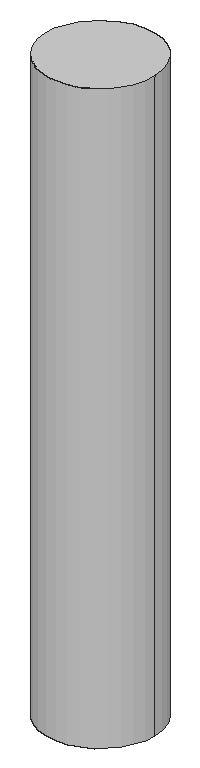
Revit family "Bollard-1_800_Bollards-Bollard_Cover-CS1", category Site, Revit 2017
Family settings
  Round Connector Dimension = Use Diameter
  Part Type = Normal
  OmniClass Number = 23.15.10.11.21
  OmniClass Title = Traffic Safety Barriers and Protections
  Work Plane-Based = No
  Always vertical = Yes
  Cut with Voids When Loaded = No
  Shared = No
Parameters (values of type "6 in")
  URL = "https://1800bollards.com/"
  Type Comments = if([4 in Bollard], "4 in Nominal Diameter", if([6 in Bollard], "6 in Nominal Diameter", if([8 in Bollard], "8 in Nominal Diameter", if([10 in Bollard], "10 in Nominal Diameter", if([12 in Bollard], "12 in Nominal Diameter", "3 in Nominal Diameter")))))  # "6 in Nominal Diameter"
  Thickness = if([6 in Bollard], 0' 6 83/128", if([8 in Bollard], 0' 8 83/128", if([10 in Bollard], 0' 10 3/4", if([12 in Bollard], 1' 0 3/4", 0' 4"))))  # 0' - 6 83/128"
  Stainless Steel = 1 = 1  # yes
  Sloped Offset [instance] = if(Sloped, 0' 0", Thickness)  # 0' - 6 83/128"
  Sloped [instance] = no
  Product Page URL = "https://1800bollards.com/product-category/bollard-covers/"
  Product Name = "Bollard Covers"  # constant formula
  Product Documentation Link = "https://1800bollards.com/product-category/bollard-covers/"
  Model = "Bollard Cover"  # constant formula
  Manufacturer = "1-800-BOLLARDS"  # constant formula
  Height = 3' - 0"  # constant formula
  Flat [instance] = not(or(Dome, Sloped))  # yes
  Finish = Metal-1_800_Bollards-Stainless_Steel
  Dome Offset [instance] = if(Dome, 0' 0", Dome Height + 0' 1")  # 0' - 2.91924"
  Dome Height = Bollard Radius * tan(30.00°)  # 0' - 1.91924"
  Dome [instance] = no
  Description = "Stainless Steel Bollard Cover"  # constant formula
  Bollard Radius = Thickness / 2  # 0' - 3 83/256"
  Assembly Code = "G2010400"
  8 in Bollard = no
  6 in Bollard = yes
  4 in Bollard = not(or(or(or(or([6 in Bollard], [8 in Bollard], [10 in Bollard], [12 in Bollard])))))  # no
  12 in Bollard = no
  10 in Bollard = no
Types (6): name | Type Comments | Thickness | Sloped Offset | Dome Offset | Dome Height | Bollard Radius | Assembly Code | 8 in Bollard | 6 in Bollard | 4 in Bollard | 12 in Bollard | 10 in Bollard
  (no name) | "6 in Nominal Diameter" | 0' - 6 83/128" | 0' - 6 83/128" | 0' - 2.91924" | 0' - 1.91924" | 0' - 3 83/256" | "G2010400" | no | yes | no | no | no
  4 in | "4 in Nominal Diameter" | 0' - 4" | 0' - 4" | 0' - 2.1547" | 0' - 1.1547" | 0' - 2" | "G2010400" | no | no | yes | no | no
  6 in | "6 in Nominal Diameter" | 0' - 6 83/128" | 0' - 6 83/128" | 0' - 2.91924" | 0' - 1.91924" | 0' - 3 83/256" | "G2010400" | no | yes | no | no | no
  8 in | "8 in Nominal Diameter" | 0' - 8 83/128" | 0' - 8 83/128" | 0' - 3.49659" | 0' - 2.49659" | 0' - 4 83/256" | "G2010400" | yes | no | no | no | no
  10 in | "10 in Nominal Diameter" | 0' - 10 3/4" | 0' - 10 3/4" | 0' - 4.10326" | 0' - 3.10326" | 0' - 5 3/8" | "G2020400" | no | no | no | no | yes
  12 in | "12 in Nominal Diameter" | 1' - 0 3/4" | 1' - 0 3/4" | 0' - 4.68061" | 0' - 3.68061" | 0' - 6 3/8" | "G2010400" | no | no | no | yes | no
Reference planes (in)
  plane 1 "Center (Front/Back)": y = 0
  plane 2: z = 0
  plane 3 "Center (Left/Right)": x = 0
  plane 4 "Top": z = 36
  plane 5 "Bottom": z = 0
  plane 6 "Right": x = 3.32422
  plane 7 "Left": x = -3.32422
  plane 8 "Back": y = 3.32422
  plane 9 "Front": y = -3.32422
Forms (in)
  Extrusion 1, solid, material "Metal-1_800_Bollards-Stainless_Steel" <- "Finish", detail levels medium+fine
    sketch origin (0, 0, 0) x (1, 0, 0) y (0, 1, 0)
      loop
        circle (0, 0) r 3.32422
    from 0 to 36
  Extrusion 2, solid, material "Metal-1_800_Bollards-Stainless_Steel" <- "Finish", detail levels coarse
    sketch origin (0, 0, 0) x (1, 0, 0) y (0, 1, 0)
      loop
        line (-3.32422, 3.32422) -> (-3.32422, -3.32422) -> (3.32422, -3.32422) -> (3.32422, 3.32422) -> (-3.32422, 3.32422)
    from 0 to 36
  Extrusion 3, void
    sketch origin (0, 0, 0) x (0, 1, 0) y (0, 0, 1)
      loop
        line (-3.32422, 42.64844) -> (3.32422, 37.99315) -> (3.32422, 42.64844) -> (-3.32422, 42.64844)
    from -3.32422 to 3.32422
  Revolve 4, void
    sketch origin (0, 0, 0) x (1, 0, 0) y (0, 0, 1)
      loop
        line (3.32422, 37) -> (3.32422, 38.91924) -> (0, 38.91924)
        arc (0, 38.91924) -> (1.91924, 38.40498) -> (3.32422, 37) r 3.83848
      axis (0, 38.91924) -> (0, 37)
    angle from 0 to 360
Cuts and joins
  Extrusion 3, Revolve 4 cuts Extrusion 1
Dimensions and locks (in)
  "Height": plane 4 "Top" to level
  locked: level to plane 5 "Bottom" at 0
  "Thickness": plane 7 "Left" to plane 6 "Right"
  "Thickness": plane 9 "Front" to plane 8 "Back"
  equal spacing: plane 9 "Front", plane 1 "Center (Front/Back)", plane 8 "Back"
  equal spacing: plane 7 "Left", plane 3 "Center (Left/Right)", plane 6 "Right"
  "Dome Height": Revolve 4 sketch curve to Revolve 4 sketch curve
  "Dome Offset": Revolve 4 sketch curve to plane 4 "Top"
  "Sloped Offset": Extrusion 3 sketch curve to plane 4 "Top"
  locked: plane 3 "Center (Left/Right)" to Extrusion 1 sketch curve at 0
  locked: plane 1 "Center (Front/Back)" to Extrusion 1 sketch curve at 0
  "Bollard Radius": radius of Extrusion 1 sketch curve
  locked: Extrusion 3 sketch curve to Extrusion 3 sketch curve (angle 35.00°)
  aligned and locked: plane 2 to level
  aligned and locked: plane 4 "Top" to Extrusion 1
  aligned and locked: plane 8 "Back" to Extrusion 2 sketch curve
  aligned and locked: plane 7 "Left" to Extrusion 2 sketch curve
  aligned and locked: Extrusion 2 sketch curve to plane 9 "Front"
  aligned and locked: Extrusion 2 sketch curve to plane 6 "Right"
  aligned and locked: plane 4 "Top" to Extrusion 2
  aligned and locked: plane 5 "Bottom" to Extrusion 1
  aligned and locked: plane 5 "Bottom" to Extrusion 2
  aligned and locked: Extrusion 2 to level
  aligned and locked: plane 6 "Right" to Revolve 4 sketch curve
  aligned and locked: plane 8 "Back" to Extrusion 3 sketch curve
  aligned and locked: plane 9 "Front" to Extrusion 3 sketch curve
  aligned and locked: plane 6 "Right" to Extrusion 3
  aligned and locked: Extrusion 3 to plane 7 "Left"
Automatic sketch dimensions
  Revolve 4 sketch curve to plane 3 "Center (Left/Right)" = 0' - 0"  (x2)
  Revolve 4 sketch curve to Revolve 4 sketch curve = 0' - 0.90788"
  Revolve 4 sketch curve to Revolve 4 sketch curve = 0' - 0 5/8"
